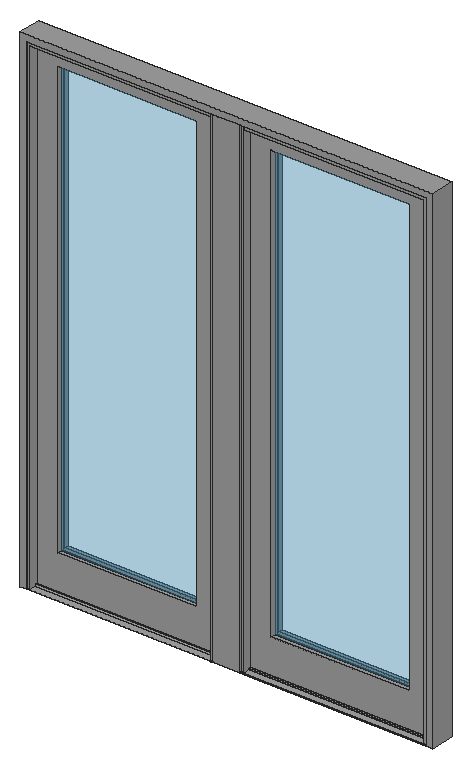
Revit family "AD-375 DOOR-Double-1-PD-5.25 CJB-CW_v05", category Curtain Panels, Revit 2015
Parameters
  Width [instance] = 6' - 2"
  URL = "obe.com"
  Rough Width [instance] = 6' - 7"
  Panel Width [instance] = Min Panel Width  # 6' - 5 1/4"
  Panel Offset [instance] = 0' - 0"
  Offset [instance] = 0' - 6"
  Model = "AD-375 DOOR"
  Min Roug Width [instance] = if(Rough Width > 6' 7 3/4", Rough Width, 6' 7 3/4")  # 6' - 7 3/4"
  Min Panel Width [instance] = if(Rough Width > 6' 7 3/4", Rough Width - 0' 2 1/2", 6' 5 1/4")  # 6' - 5 1/4"
  Manufacturer = "Oldcastle BuildingEnvelope®"
  Keynote = "08 11 00"
  Height [instance] = 8' - 0"
  Glass Material = Glass
  Frame Material = Aluminum
  Door Panel Height [instance] = Height - 0' 0 21/32"  # 7' - 11 11/32"
  Description = "AD-375 - 1\" Door Infill"
  Assembly Code = "B2030"
  Analytic Construction = "<None>"
  6 Bottom Rail [instance] = yes
  10 Bottom Rail [instance] = not([6 Bottom Rail])  # no
Reference planes (in)
  plane 1 "Front": y = 0
  plane 2: z = 0
  plane 3 "Center (Left/Right)": x = 0
  plane 4 "Left": x = -37
  plane 5 "Right": x = 37
  plane 6 "Top": z = 96
  plane 7 "Offset": y = -6
  plane 8: x = -39.875
  plane 9: x = 39.875
Forms (in)
  Sweep 1, solid, material "Aluminum" <- "Frame Material"
    path origin (0, -6, 0) x (-1, 0, 0) y (0, 0, 1)
      loop
        line (-39.875, 96) -> (-39.875, 0)
    profile origin (39.875, -6, 48) x (0, 1, 0) y (-1, 0, 0)
      loop
        line (0, 0) -> (0, 1.25) -> (-2.7624, 1.25) -> (-2.7624, 1.812) -> (-4.3574, 1.812) -> (-4.3574, 1.25) -> (-4.50055, 1.25) -> (-4.50055, 0) -> (0, 0)
  Sweep 2, solid, material "Aluminum" <- "Frame Material"
    path origin (0, -6, 0) x (-1, 0, 0) y (0, 0, 1)
      loop
        line (39.875, 96) -> (39.875, 0)
    profile origin (-39.875, -6, 48) x (0, 1, 0) y (-1, 0, 0)
      loop
        line (0, 0) -> (-4.50055, 0) -> (-4.50055, -1.25) -> (-4.3574, -1.25) -> (-4.3574, -1.812) -> (-2.7624, -1.812) -> (-2.7624, -1.25) -> (0, -1.25) -> (0, 0)
  Sweep 3, solid, material "Aluminum" <- "Frame Material"
    path origin (0, -6, 0) x (-1, 0, 0) y (0, 0, 1)
      loop
        line (39.875, 96) -> (-39.875, 96)
    profile origin (0, -6, 96) x (0, 0, -1) y (0, 1, 0)
      loop
        line (1.25, 0) -> (0, 0) -> (0, -4.50055) -> (1.25, -4.50055) -> (1.25, -4.3574) -> (1.812, -4.3574) -> (1.812, -2.7624) -> (1.25, -2.7624) -> (1.25, 0)
Cuts and joins
  joined: Sweep 1, Sweep 2, Sweep 3
Text (in)
  text "Exterior" at (-54.29358, 31.38743, 0), in view "Ref. Level"
  text "Exterior" at (480, 41.53993, 89.60405), in view "Right"
  text "Exterior" at (-240, 57.82419, 105.78864), in view "Left"
Dimensions and locks (in)
  equal spacing: plane 4 "Left", plane 3 "Center (Left/Right)", plane 5 "Right"
  "Width": plane 4 "Left" to plane 5 "Right"
  "Height": plane 6 "Top" to plane 2
  "Offset": plane 7 "Offset" to plane 1 "Front"
  locked: plane 7 "Offset" to nested 2 at 1.4437
  locked: plane 9 to nested 2 at 1.25
  locked: plane 7 "Offset" to nested 3 at 1.4437
  locked: nested 3 to plane 8 at 1.25
  locked: nested 4 to plane 6 "Top" at 1.25
  locked: plane 7 "Offset" to nested 4 at 1.4437
  equal spacing: plane 8, plane 3 "Center (Left/Right)", plane 9
  "Min Roug Width": plane 8 to plane 9
  locked: plane 7 "Offset" to nested 1 at 1.4437
  aligned and locked: level to plane 2
  aligned and locked: plane 3 "Center (Left/Right)" to nested 1
  aligned and locked: plane 2 to Sweep 1 sketch curve
  aligned and locked: plane 6 "Top" to Sweep 1 sketch curve
  aligned and locked: plane 2 to Sweep 2 sketch curve
  aligned and locked: plane 6 "Top" to Sweep 2 sketch curve
  aligned and locked: plane 6 "Top" to Sweep 3 sketch curve
  aligned and locked: Sweep 1 sketch curve to plane 9
  aligned and locked: plane 8 to Sweep 2 sketch curve
  aligned and locked: plane 8 to Sweep 3 sketch curve
  aligned and locked: plane 9 to Sweep 3 sketch curve
Automatic sketch dimensions
  Sweep 2 sketch curve to Sweep 2 sketch curve = 0' - 0.14315"
  Sweep 2 sketch curve to Sweep 2 sketch curve = 0' - 1.595"
  profile plane to Sweep 2 sketch curve = 0' - 1 1/4"  (x2)
  Sweep 2 sketch curve to Sweep 2 sketch curve = 0' - 2.7624"
  Sweep 2 sketch curve to Sweep 2 sketch curve = 0' - 0.562"
  Sweep 2 sketch curve to plane 7 "Offset" = 0' - 0"
  Sweep 2 sketch curve to profile plane = 0' - 0"
  Sweep 1 sketch curve to profile plane = 0' - 1.812"
  profile plane to Sweep 1 sketch curve = 0' - 0"
  Sweep 1 sketch curve to plane 7 "Offset" = 0' - 4.50055"
  Sweep 1 sketch curve to Sweep 1 sketch curve = 0' - 0.14315"
  Sweep 1 sketch curve to Sweep 1 sketch curve = 0' - 1.595"
  Sweep 1 sketch curve to profile plane = 0' - 1 1/4"  (x2)
  Sweep 1 sketch curve to Sweep 1 sketch curve = 0' - 2.7624"
  Sweep 3 sketch curve to profile plane = 0' - 1.812"
  Sweep 3 sketch curve to profile plane = 0' - 1 1/4"  (x2)
  Sweep 3 sketch curve to Sweep 3 sketch curve = 0' - 1 1/4"
  Sweep 3 sketch curve to plane 7 "Offset" = 0' - 4.50055"
  Sweep 3 sketch curve to Sweep 3 sketch curve = 0' - 0.14315"
  Sweep 3 sketch curve to Sweep 3 sketch curve = 0' - 1.595"
  Sweep 3 sketch curve to Sweep 3 sketch curve = 0' - 2.7624"
Nested families (in)
  nested 1: "AD-375 DOOR-Double-1-PD-Panel_v04" at (0, -24.5563, 0), Frame Material <- "Frame Material", Glass Material <- "Glass Material", 6 Bottom Rail <- "6 Bottom Rail", Height <- "Door Panel Height", Width <- "Min Panel Width", type "AD-375 DOOR-Double-1-PD-Panel"
    with built-in parameter 1001301 6' - 5 1/4", Offset 0' - 1.4437", built-in parameter 1001300 7' - 11 11/32", Glass Material Glass, Frame Material Aluminum, Bottom Rail 0' - 6 19/32", 6 Bottom Rail yes, 10 Bottom Rail no
  nested 2: "EDGE FRAME L" at (41.125, -7.4437, 0) x (-1, 0, 0) z (0, 0, 1), type "EDGE FRAME L"
  nested 3: "EDGE FRAME R" at (-41.125, -7.4437, 0) x (-1, 0, 0) z (0, 0, 1), type "EDGE FRAME R"
  nested 4: "TOP FRAME" at (0, -7.4437, 97.25) x (0, -1, 0) z (1, 0, 0), type "TOP FRAME"
Definition of nested family "AD-375 DOOR-Double-1-PD-Panel_v04"
  Parameters (values of type "AD-375 DOOR-Double-1-PD-Panel")
    Width [instance] = 6' - 0"
    Offset [instance] = 0' - 6"
    Height [instance] = 8' - 0"
    Glass Material [instance] = none
    Frame Material [instance] = none
    Bottom Rail [instance] = if([10 Bottom Rail], 0' 10 19/32", 0' 6 19/32")  # 0' - 10 19/32"
    Analytic Construction = "<None>"
    6 Bottom Rail [instance] = no
    10 Bottom Rail [instance] = not([6 Bottom Rail])  # yes
  Reference planes (in)
    plane 1 "00": y = 12.5563
    plane 2: z = 0
    plane 3 "Center (Left/Right)": x = 0
    plane 4: z = 96
    plane 5: x = -36
    plane 6: x = 36
    plane 7 "Center (Front/Back)": y = 20
    plane 8 "Exterior": y = 13.0563
    plane 9: z = 48
    plane 10: z = 10.59375
    plane 11: z = 92.46875
    plane 12: z = 0
    plane 13: x = -31.87499
    plane 14: x = 31.87504
    plane 15: y = 14
  Forms (in)
    Sweep 1, solid, material <- "Frame Material"
      path origin (0, 12.5563, 0) x (1, 0, 0) y (0, 0, 1)
        loop
          line (-35.93562, 96) -> (-2.625, 96)
      profile origin (-19.28031, 12.5563, 96) x (0, 0, 1) y (0, -1, 0)
        loop
          line (-0.59375, -1.2884) -> (-0.59375, 1.3187) -> (-3.96875, 1.3187) -> (-3.96875, 0.5) -> (-3.53125, 0.5) -> (-3.53125, -0.5) -> (-3.96875, -0.5) -> (-3.96875, -1.2884) -> (-0.59375, -1.2884)
    Sweep 2, solid, material <- "Frame Material"
      path origin (0, 12.5563, 0) x (1, 0, 0) y (0, 0, 1)
        loop
          line (-3.187, 0) -> (-35.93562, 0)
      profile origin (-19.56131, 12.5563, 0) x (0, 0, -1) y (0, -1, 0)
        loop
          line (-0.375, 1.3187) -> (-11.125, 1.3187) -> (-11.125, 0.5) -> (-10.59375, 0.5) -> (-10.59375, -0.5) -> (-11.125, -0.5) -> (-11.125, -1.2884) -> (-0.375, -1.2884) -> (-0.375, 1.3187)
    Sweep 3, solid, material <- "Frame Material"
      path origin (0, 12.5563, 0) x (1, 0, 0) y (0, 0, 1)
        loop
          line (36, 95.40625) -> (36, 0.375)
      profile origin (36, 12.5563, 47.89062) x (0, -1, 0) y (1, 0, 0)
        loop
          line (-1.28913, -4.56246) -> (-0.50073, -4.56246) -> (-0.50073, -4.12496) -> (0.49927, -4.12496) -> (0.49927, -4.56246) -> (1.31724, -4.56246) -> (1.31724, -0.0625) -> (-1.28913, -0.0625) -> (-1.28913, -4.56246)
    Sweep 4, solid, material <- "Frame Material"
      path origin (0, 12.5563, 0) x (1, 0, 0) y (0, 0, 1)
        loop
          line (-36, 95.40625) -> (-36, 0.375)
      profile origin (-36, 12.5563, 47.89062) x (0, -1, 0) y (1, 0, 0)
        loop
          line (-1.2884, 4.56251) -> (-1.2884, 0.06438) -> (1.3187, 0.06438) -> (1.3187, 4.56251) -> (0.5, 4.56251) -> (0.5, 4.12501) -> (-0.5, 4.12501) -> (-0.5, 4.56251) -> (-1.2884, 4.56251)
    Sweep 5, solid, material <- "Frame Material"
      path origin (0, 12.5563, 0) x (1, 0, 0) y (0, 0, 1)
        loop
          line (0, 95.40625) -> (0, 0.375)
      profile origin (0, 12.5563, 47.89062) x (0, -1, 0) y (1, 0, 0)
        loop
          line (-1.2884, -7.21871) -> (-0.5, -7.21871) -> (-0.5, -6.78121) -> (0.5, -6.78121) -> (0.5, -7.21871) -> (1.31797, -7.21871) -> (1.31797, -2.6248) -> (-1.2884, -2.6248) -> (-1.2884, -7.21871)
        loop
          line (1.3187, 7.21871) -> (0.50073, 7.21871) -> (0.50073, 6.78121) -> (-0.49927, 6.78121) -> (-0.49927, 7.21871) -> (-1.28767, 7.21871) -> (-1.28767, 2.6248) -> (1.3187, 2.6248) -> (1.3187, 7.21871)
    Sweep 6, solid, material <- "Frame Material"
      path origin (0, 12.5563, 0) x (1, 0, 0) y (0, 0, 1)
        loop
          line (2.625, 96) -> (35.9375, 96)
      profile origin (19.28125, 12.5563, 96) x (0, 0, 1) y (0, -1, 0)
        loop
          line (-0.59375, -1.2884) -> (-0.59375, 1.3187) -> (-2.30843, 1.3187) -> (-3.96875, 1.3187) -> (-3.96875, 0.5) -> (-3.53125, 0.5) -> (-3.53125, -0.5) -> (-3.96875, -0.5) -> (-3.96875, -1.2884) -> (-2.30843, -1.2884) -> (-0.59375, -1.2884)
    Sweep 7, solid, material <- "Frame Material"
      path origin (0, 12.5563, 0) x (1, 0, 0) y (0, 0, 1)
        loop
          line (35.9375, 0) -> (3.187, 0)
      profile origin (19.56225, 12.5563, 0) x (0, 0, -1) y (0, -1, 0)
        loop
          line (-7.49593, -1.2884) -> (-0.375, -1.2884) -> (-0.375, 1.31797) -> (-11.125, 1.31797) -> (-11.125, 0.5) -> (-10.59375, 0.5) -> (-10.59375, -0.5) -> (-11.125, -0.5) -> (-11.125, -1.2884) -> (-7.49593, -1.2884)
    Extrusion 8, solid, material <- "Glass Material", detail levels medium+fine
      sketch origin (0, 0, 0) x (1, 0, 0) y (0, 1, 0)
        loop
          line (6.78121, 13.0563) -> (6.78121, 12.8083) -> (31.87504, 12.8083) -> (31.87504, 13.0563) -> (6.78121, 13.0563)
        loop
          line (31.87504, 12.0563) -> (31.87504, 12.3043) -> (6.78121, 12.3043) -> (6.78121, 12.0563) -> (31.87504, 12.0563)
      from 10.59375 to 92.46875
    Extrusion 9, solid, material <- "Glass Material", detail levels coarse
      sketch origin (0, 0, 0) x (1, 0, 0) y (0, 1, 0)
        loop
          line (6.78121, 13.0563) -> (6.78121, 12.0563) -> (31.87504, 12.0563) -> (31.87504, 13.0563) -> (6.78121, 13.0563)
      from 10.59375 to 92.46875
    Extrusion 10, solid, material <- "Glass Material", detail levels coarse
      sketch origin (0, 0, 0) x (1, 0, 0) y (0, 1, 0)
        loop
          line (-31.87499, 13.0563) -> (-31.87499, 12.0563) -> (-6.78121, 12.0563) -> (-6.78121, 13.0563) -> (-31.87499, 13.0563)
      from 10.59375 to 92.46875
    Extrusion 11, solid, material <- "Glass Material", detail levels medium+fine
      sketch origin (0, 0, 0) x (1, 0, 0) y (0, 1, 0)
        loop
          line (-31.87499, 13.0563) -> (-31.87499, 12.8083) -> (-6.78121, 12.8083) -> (-6.78121, 13.0563) -> (-31.87499, 13.0563)
        loop
          line (-31.87499, 12.3043) -> (-31.87499, 12.0563) -> (-6.78121, 12.0563) -> (-6.78121, 12.3043) -> (-31.87499, 12.3043)
      from 10.59375 to 92.46875
    Sweep 12, solid, material <- "Frame Material"
      path origin (0, 12.5563, 0) x (1, 0, 0) y (0, 0, 1)
        loop
          line (0, 95.40625) -> (0, 0)
      profile origin (0, 12.5563, 47.70312) x (0, -1, 0) y (1, 0, 0)
        loop
          line (-1.4437, 2.625) -> (-1.4437, -2.625) -> (1.3187, -2.625) -> (1.3187, -3.187) -> (2.9137, -3.187) -> (2.9137, -2.625) -> (3.0573, -2.625) -> (3.0573, 2.625) -> (2.9137, 2.625) -> (2.9137, 3.187) -> (1.3187, 3.187) -> (1.3187, 2.625) -> (-1.4437, 2.625)
    Sweep 13, solid, material <- "Frame Material"
      path origin (0, 12.5563, 0) x (1, 0, 0) y (0, 0, 1)
        loop
          line (35.9375, 0) -> (2.6248, 0)
      profile origin (19.28115, 12.5563, 0) x (0, 0, -1) y (0, -1, 0)
        loop
          line (-0.256, -0.69426) -> (-0.1262, -1.33799)
          arc (-0.1262, -1.33799) -> (-0.07849, -1.40969) -> (0, -1.44514) r 0.156
          line (0, -1.44514) -> (0, 3.05585) -> (-0.06628, 3.05585)
          arc (-0.06628, 3.05585) -> (-0.08866, 3.04745) -> (-0.09997, 3.0264) r 0.034
          line (-0.09997, 3.0264) -> (-0.256, 1.86985) -> (-0.506, 1.73385) -> (-0.506, 1.3187) -> (-0.256, 1.3187) -> (-0.256, -0.69426)
    Sweep 14, solid, material <- "Frame Material"
      path origin (0, 12.5563, 0) x (1, 0, 0) y (0, 0, 1)
        loop
          line (-2.625, 0) -> (-35.93562, 0)
      profile origin (-19.28031, 12.5563, 0) x (0, 0, -1) y (0, -1, 0)
        loop
          line (-0.256, -0.69426) -> (-0.1262, -1.33799)
          arc (-0.1262, -1.33799) -> (-0.07849, -1.40969) -> (0, -1.44514) r 0.156
          line (0, -1.44514) -> (0, 3.05585) -> (-0.06628, 3.05585)
          arc (-0.06628, 3.05585) -> (-0.08866, 3.04745) -> (-0.09997, 3.0264) r 0.034
          line (-0.09997, 3.0264) -> (-0.256, 1.86985) -> (-0.506, 1.73385) -> (-0.506, 1.3187) -> (-0.256, 1.3187) -> (-0.256, -0.69426)
  Cuts and joins
    joined: Sweep 1, Sweep 2, Sweep 3, Sweep 4, Sweep 5, Sweep 6, Sweep 7
  Lines and regions (in)
    model lines
      curve 1: line (7.21871, 13.0563, 92.03125) -> (31.43754, 13.0563, 48)
      curve 2: line (31.43754, 13.0563, 48) -> (7.21871, 13.0563, 11.125)
      curve 3: line (-7.21871, 13.0563, 92.03125) -> (-31.43749, 13.0563, 48)
      curve 4: line (-31.43749, 13.0563, 48) -> (-7.21871, 13.0563, 11.125)
  Dimensions and locks (in)
    "Height": plane 4 to level
    "Offset": plane 15 to plane 7 "Center (Front/Back)"
    plane 1 "00" to plane 8 "Exterior" to plane 15 = 0' - 0 1/2" locked, 0' - 0.9437" locked
    equal spacing: level, plane 9, plane 4
    locked: plane 3 "Center (Left/Right)" to Sweep 2 sketch curve at 3.187
    Sweep 3 sketch curve to plane 4 = 0' - 0 19/32"
    Sweep 4 sketch curve to plane 4 = 0' - 0 19/32"
    locked: plane 3 "Center (Left/Right)" to Sweep 1 sketch curve at 2.625
    locked: Sweep 6 sketch curve to plane 3 "Center (Left/Right)" at 2.625
    locked: Sweep 7 sketch curve to plane 3 "Center (Left/Right)" at 3.187
    locked: Sweep 5 sketch curve to plane 4 at 0.59375
    locked: Sweep 7 sketch curve to plane 10 at 0.53125  (x2)
    locked: Sweep 2 sketch curve to plane 10 at 0.53125  (x2)
    equal spacing: plane 4, plane 9, plane 12
    locked: plane 4 to plane 11 at 3.53125
    Extrusion 11 sketch curve to Extrusion 11 sketch curve to plane 1 "00" to Extrusion 11 sketch curve to Extrusion 11 sketch curve = 0' - 0.248" locked, 0' - 0.252" locked, 0' - 0.252" locked, 0' - 0.248" locked
    Extrusion 10 sketch curve to plane 1 "00" to Extrusion 10 sketch curve = 0' - 0 1/2" locked, 0' - 0 1/2" locked
    Extrusion 9 sketch curve to plane 1 "00" to Extrusion 9 sketch curve = 0' - 0 1/2" locked, 0' - 0 1/2" locked
    Extrusion 8 sketch curve to Extrusion 8 sketch curve to plane 1 "00" to Extrusion 8 sketch curve to Extrusion 8 sketch curve = 0' - 0.248" locked, 0' - 0.252" locked, 0' - 0.252" locked, 0' - 0.248" locked
    "Bottom Rail": plane 10 to plane 12
    locked: plane 5 to plane 13 at 4.12501
    locked: plane 14 to plane 6 at 4.12496
    locked: Sweep 2 sketch curve to plane 5 at 0.06438
    locked: plane 6 to Sweep 7 sketch curve at 0.0625
    locked: plane 6 to Sweep 6 sketch curve at 0.0625
    Sweep 1 sketch curve to plane 5 = 0' - 0.06438"
    equal spacing: plane 5, plane 3 "Center (Left/Right)", plane 6
    "Width": plane 5 to plane 6
    locked: plane 4 to Sweep 12 sketch curve at 0.59375
    plane 1 "00" to nested 1 = 0' - 0"
    locked: plane 6 to Sweep 13 sketch curve at 0.0625
    locked: Sweep 13 sketch curve to plane 3 "Center (Left/Right)" at 2.6248
    locked: Sweep 14 sketch curve to plane 5 at 0.06438
    locked: plane 3 "Center (Left/Right)" to Sweep 14 sketch curve at 2.625
    locked: plane 12 to Sweep 3 sketch curve at 0.375
    locked: plane 12 to Sweep 5 sketch curve at 0.375
    locked: plane 12 to Sweep 4 sketch curve at 0.375
    aligned and locked: plane 2 to level
    aligned and locked: plane 3 "Center (Left/Right)" to nested 1
    aligned and locked: Sweep 1 sketch curve to plane 4
    aligned and locked: level to nested 2
    aligned and locked: nested 2 to plane 1 "00"
    aligned and locked: plane 3 "Center (Left/Right)" to Sweep 5 sketch curve
    aligned and locked: Sweep 7 sketch curve to level
    aligned and locked: plane 4 to Sweep 6 sketch curve
    aligned and locked: plane 11 to Extrusion 10
    aligned and locked: plane 11 to Extrusion 11
    aligned and locked: plane 11 to Extrusion 8
    aligned and locked: plane 11 to Extrusion 9
    aligned and locked: Sweep 6 sketch curve to plane 11
    aligned and locked: plane 10 to Sweep 2 sketch curve
    aligned and locked: Sweep 1 sketch curve to plane 11
    aligned and locked: Extrusion 8 to plane 10
    aligned and locked: Extrusion 9 to plane 10
    aligned and locked: Extrusion 11 to plane 10
    aligned and locked: Extrusion 10 to plane 10
    aligned and locked: Extrusion 11 to plane 13  (x2)
    aligned and locked: Extrusion 10 to plane 13
    aligned and locked: plane 14 to Extrusion 9
    aligned and locked: plane 14 to Extrusion 8  (x2)
    aligned and locked: Sweep 7 sketch curve to plane 1 "00"
    aligned and locked: plane 12 to Sweep 2 sketch curve
    aligned and locked: Sweep 12 sketch curve to plane 3 "Center (Left/Right)"
    aligned and locked: plane 9 to curve 2
    aligned and locked: Sweep 13 sketch curve to plane 12
    aligned and locked: Sweep 14 sketch curve to plane 12
    aligned and locked: plane 1 "00" to nested 1
  Automatic sketch dimensions
    Sweep 1 sketch curve to Sweep 1 sketch curve = 0' - 0 7/16"  (x2)
    profile plane to Sweep 1 sketch curve = 0' - 0 19/32"
    Sweep 1 sketch curve to plane 1 "00" = 0' - 1.2884"
    Sweep 1 sketch curve to plane 1 "00" = 0' - 0 1/2"
    plane 1 "00" to Sweep 1 sketch curve = 0' - 0 1/2"
    plane 1 "00" to Sweep 1 sketch curve = 0' - 1.3187"
    Sweep 2 sketch curve to plane 1 "00" = 0' - 0 1/2"
    plane 1 "00" to Sweep 2 sketch curve = 0' - 0 1/2"
    Sweep 2 sketch curve to Sweep 2 sketch curve = 0' - 0.8187"
    Sweep 3 sketch curve to plane 6 = 0' - 0"
    Sweep 3 sketch curve to plane 1 "00" = 0' - 1.28913"
    Sweep 3 sketch curve to plane 1 "00" = 0' - 0.50073"
    plane 1 "00" to Sweep 3 sketch curve = 0' - 0.49927"
    Sweep 3 sketch curve to Sweep 3 sketch curve = 0' - 0.81797"
    profile plane to Sweep 3 sketch curve = 0' - 4.56246"
    Sweep 3 sketch curve to Sweep 3 sketch curve = 0' - 0"
    Sweep 3 sketch curve to Sweep 3 sketch curve = 0' - 0 7/16"
    profile plane to Sweep 3 sketch curve = 0' - 0 1/16"
    Sweep 4 sketch curve to plane 5 = 0' - 0"
    Sweep 4 sketch curve to plane 1 "00" = 0' - 1.2884"
    Sweep 4 sketch curve to plane 1 "00" = 0' - 0 1/2"
    plane 1 "00" to Sweep 4 sketch curve = 0' - 0 1/2"
    Sweep 4 sketch curve to Sweep 4 sketch curve = 0' - 0.8187"
    Sweep 4 sketch curve to profile plane = 0' - 0.06438"
    Sweep 4 sketch curve to Sweep 4 sketch curve = 0' - 4.06063"
    Sweep 4 sketch curve to Sweep 4 sketch curve = 0' - 0 7/16"  (x2)
    Sweep 5 sketch curve to plane 1 "00" = 0' - 1.2884"
    Sweep 5 sketch curve to Sweep 5 sketch curve = 0' - 0.00073"  (x2)
    Sweep 5 sketch curve to plane 1 "00" = 0' - 0.49927"
    Sweep 5 sketch curve to plane 1 "00" = 0' - 0 1/2"
    plane 1 "00" to Sweep 5 sketch curve = 0' - 0.50073"
    plane 1 "00" to Sweep 5 sketch curve = 0' - 0 1/2"
    Sweep 5 sketch curve to profile plane = 0' - 2.6248"
    plane 1 "00" to Sweep 5 sketch curve = 0' - 1.3187"
    Sweep 5 sketch curve to Sweep 5 sketch curve = 0' - 0 7/16"  (x4)
    Sweep 5 sketch curve to Sweep 5 sketch curve = 0' - 4.15641"  (x2)
    Sweep 6 sketch curve to Sweep 6 sketch curve = 0' - 0 7/16"  (x2)
    Sweep 6 sketch curve to Sweep 6 sketch curve = 0' - 1.22282"  (x2)
    profile plane to Sweep 6 sketch curve = 0' - 0 19/32"
    Sweep 6 sketch curve to plane 1 "00" = 0' - 1.2884"
    Sweep 6 sketch curve to plane 1 "00" = 0' - 0 1/2"
    plane 1 "00" to Sweep 6 sketch curve = 0' - 0 1/2"
    plane 1 "00" to Sweep 6 sketch curve = 0' - 1.3187"
    Sweep 7 sketch curve to Sweep 7 sketch curve = 0' - 0 17/32"
    Sweep 7 sketch curve to profile plane = 0' - 1.2884"
    Sweep 7 sketch curve to Sweep 7 sketch curve = 0' - 3.09782"
    Sweep 7 sketch curve to profile plane = 0' - 0 1/2"
    profile plane to Sweep 7 sketch curve = 0' - 0 1/2"
    profile plane to Sweep 7 sketch curve = 0' - 1.31797"
    Extrusion 8 sketch curve to plane 14 = 0' - 0"  (x2)
    Extrusion 9 sketch curve to plane 14 = 0' - 0"
    Extrusion 10 sketch curve to plane 13 = 0' - 0"
    Extrusion 11 sketch curve to plane 13 = 0' - 0"  (x2)
    profile plane to Sweep 5 sketch curve = 0' - 2.6248"
    Sweep 12 sketch curve to level = 0' - 0"
    Sweep 12 sketch curve to plane 1 "00" = 0' - 1.4437"
    plane 1 "00" to Sweep 12 sketch curve = 0' - 1.3187"  (x2)
    Sweep 12 sketch curve to Sweep 12 sketch curve = 0' - 1.595"  (x2)
    Sweep 12 sketch curve to Sweep 12 sketch curve = 0' - 0.1436"
    profile plane to Sweep 12 sketch curve = 0' - 3.187"
    profile plane to Sweep 12 sketch curve = 0' - 2 5/8"
    Sweep 12 sketch curve to Sweep 12 sketch curve = 0' - 0.562"  (x2)
    Sweep 12 sketch curve to profile plane = 0' - 2 5/8"  (x2)
    Extrusion 10 sketch curve to plane 3 "Center (Left/Right)" = 0' - 6.78121"
    Extrusion 11 sketch curve to Extrusion 11 sketch curve = 0' - 0"
    Extrusion 11 sketch curve to plane 3 "Center (Left/Right)" = 0' - 6.78121"
    plane 3 "Center (Left/Right)" to Extrusion 9 sketch curve = 0' - 6.78121"
    Extrusion 8 sketch curve to Extrusion 8 sketch curve = 0' - 0"
    plane 3 "Center (Left/Right)" to Extrusion 8 sketch curve = 0' - 6.78121"
    curve 4 to plane 9 = 0' - 0"
    plane 13 to curve 4 = 0' - 0 7/16"
    curve 2 to plane 14 = 0' - 0 7/16"
    curve 3 to plane 11 = 0' - 0 7/16"
    curve 3 to plane 3 "Center (Left/Right)" = 0' - 7.21871"
    plane 10 to curve 4 = 0' - 0 17/32"
    curve 4 to plane 3 "Center (Left/Right)" = 0' - 7.21871"
    plane 10 to curve 2 = 0' - 0 17/32"
    plane 3 "Center (Left/Right)" to curve 2 = 0' - 7.21871"
    curve 1 to plane 11 = 0' - 0 7/16"
    plane 3 "Center (Left/Right)" to curve 1 = 0' - 7.21871"
    profile plane to Sweep 7 sketch curve = 0' - 0 3/8"
    profile plane to Sweep 2 sketch curve = 0' - 0 3/8"
    Sweep 2 sketch curve to plane 1 "00" = 0' - 1.2884"
    profile plane to Sweep 13 sketch curve = 0' - 0.256"  (x2)
    Sweep 13 sketch curve to plane 1 "00" = 0' - 0.69426"
    Sweep 13 sketch curve to Sweep 13 sketch curve = 0' - 0.64374"
    Sweep 13 sketch curve to Sweep 13 sketch curve = 0' - 0.10715"
    plane 1 "00" to Sweep 13 sketch curve = 0' - 1.3187"
    Sweep 13 sketch curve to Sweep 13 sketch curve = 0' - 1.73715"
    Sweep 13 sketch curve to profile plane = 0' - 0.02248"
    Sweep 13 sketch curve to Sweep 13 sketch curve = 0' - 0.04722"
    Sweep 13 sketch curve to Sweep 13 sketch curve = 0' - 0 1/4"
    Sweep 13 sketch curve to Sweep 13 sketch curve = 0' - 0.41515"
    Sweep 13 sketch curve to Sweep 13 sketch curve = 0' - 0.136"
    profile plane to Sweep 13 sketch curve = 0' - 0.09997"
    Sweep 13 sketch curve to Sweep 13 sketch curve = 0' - 0.02945"
    Sweep 13 sketch curve to Sweep 13 sketch curve = 0' - 0.00455"
    Sweep 13 sketch curve to profile plane = 0' - 0"
    profile plane to Sweep 14 sketch curve = 0' - 0.256"  (x2)
    plane 1 "00" to Sweep 14 sketch curve = 0' - 1.3187"
    Sweep 14 sketch curve to Sweep 14 sketch curve = 0' - 0 1/4"
    Sweep 14 sketch curve to plane 1 "00" = 0' - 0.69426"
    Sweep 14 sketch curve to Sweep 14 sketch curve = 0' - 0.41515"
    Sweep 14 sketch curve to Sweep 14 sketch curve = 0' - 0.136"
    profile plane to Sweep 14 sketch curve = 0' - 0.09997"
    Sweep 14 sketch curve to Sweep 14 sketch curve = 0' - 1.15655"
    Sweep 14 sketch curve to Sweep 14 sketch curve = 0' - 0.03369"
    Sweep 14 sketch curve to Sweep 14 sketch curve = 0' - 0.00455"
    Sweep 14 sketch curve to profile plane = 0' - 0"
    Sweep 14 sketch curve to Sweep 14 sketch curve = 0' - 0.75089"
    profile plane to Sweep 14 sketch curve = 0' - 0.1262"
    Sweep 14 sketch curve to Sweep 14 sketch curve = 0' - 0.10715"
    Sweep 14 sketch curve to profile plane = 0' - 0.02248"
  Nested families (in)
    nested 1: "AD-375 DOOR-Double-1-PD-Plan View_v02" at (-24, 12.5563, 0), Width <- "Width", type "AD-375 DOOR-Double-1-PD-Plan View_v02"
      with Wing Width 3' - 0", Width 6' - 0"
    nested 2: "AD-375 DOOR-Double-1-PD-Section" at (0, 12.5563, 0) x (0, -1, 0) z (1, 0, 0), Height <- "Height", 6 Bottom Rail <- "6 Bottom Rail", type "AD-375 DOOR-Double-1-PD-Section"
      with Height 8' - 0", Bottom Rail 0' - 10 19/32", 6 Bottom Rail no, 10 Bottom Rail yes
  Definition of nested family "AD-375 DOOR-Double-1-PD-Plan View_v02"
    Parameters (values of type "AD-375 DOOR-Double-1-PD-Plan View_v02")
      Wing Width [instance] = Width / 2  # 3' - 0"
      Width [instance] = 6' - 0"
    Reference planes (in)
      plane 1 "Center (Front/Back)": y = 0
      plane 2: z = 0
      plane 3 "Center (Left/Right)": x = 24
      plane 4: x = -12
      plane 5: x = -10.25
      plane 6: x = 58.25
      plane 7: x = 60
      plane 8: y = 37.6875
      plane 9: y = 30.87504
      plane 10: x = 59.9375
      plane 11: x = -11.9375
      plane 12: y = 1.6875
      plane 13: y = 34.9375
    Lines and regions (in)
      detail lines, in view "Ref. Level", not visible
        curve 1: line (-8.09374, -0.5, 0) -> (17.21879, -0.5, 0)
        curve 2: line (-8.09374, 0.5, 0) -> (17.21879, 0.5, 0)
        curve 13: line (-8.09374, 0.252, 0) -> (17.21879, 0.252, 0)
        curve 14: line (-8.09374, -0.252, 0) -> (17.21879, -0.252, 0)
        curve 15: line (55.87504, -0.5, 0) -> (30.78121, -0.5, 0)
        curve 16: line (55.87504, 0.5, 0) -> (30.78121, 0.5, 0)
        curve 27: line (55.87504, 0.252, 0) -> (30.78121, 0.252, 0)
        curve 28: line (55.87504, -0.252, 0) -> (30.78121, -0.252, 0)
      detail lines, in view "Ref. Level"
        curve 3: line (-10.75, 30.87504, 0) -> (-10.75, 5.75001, 0)
        curve 7: line (-9.75, 30.87504, 0) -> (-9.75, 5.75001, 0)
        curve 17: line (58.75, 30.87504, 0) -> (58.75, 5.74996, 0)
        curve 21: line (57.75, 30.87504, 0) -> (57.75, 5.74996, 0)
        curve 29: arc (-11.5687, 34.9375, 0) -> (11.83458, 24.93802, 0) -> (21.3125, 1.3187, 0) r 33.25205
        curve 30: arc (59.5687, 34.9375, 0) -> (36.16542, 24.93802, 0) -> (26.6875, 1.3187, 0) r 33.25205
      detail lines, in view "Ref. Level", detail levels fine
        curve 4: line (-10.688, 30.87504, 0) -> (-10.688, 5.75001, 0)
        curve 5: line (-10.626, 30.87504, 0) -> (-10.626, 5.75001, 0)
        curve 6: line (-10.564, 30.87504, 0) -> (-10.564, 5.75001, 0)
        curve 8: line (-9.936, 30.87504, 0) -> (-9.936, 5.75001, 0)
        curve 9: line (-9.874, 30.87504, 0) -> (-9.874, 5.75001, 0)
        curve 10: line (-9.812, 30.87504, 0) -> (-9.812, 5.75001, 0)
        curve 18: line (58.688, 30.87504, 0) -> (58.688, 5.74996, 0)
        curve 19: line (58.626, 30.87504, 0) -> (58.626, 5.74996, 0)
        curve 20: line (58.564, 30.87504, 0) -> (58.564, 5.74996, 0)
        curve 22: line (57.936, 30.87504, 0) -> (57.936, 5.74996, 0)
        curve 23: line (57.874, 30.87504, 0) -> (57.874, 5.74996, 0)
        curve 24: line (57.812, 30.87504, 0) -> (57.812, 5.74996, 0)
      detail lines, in view "Ref. Level", detail levels medium+fine
        curve 11: line (-10.502, 30.87504, 0) -> (-10.502, 5.75001, 0)
        curve 12: line (-9.998, 30.87504, 0) -> (-9.998, 5.75001, 0)
        curve 25: line (58.502, 30.87504, 0) -> (58.502, 5.74996, 0)
        curve 26: line (57.998, 30.87504, 0) -> (57.998, 5.74996, 0)
    Dimensions and locks (in)
      plane 6 to plane 10 to plane 7 to nested 6 = 0' - 1 11/16" locked, 0' - 0 1/16" locked, 0' - 2.53155" locked
      nested 8 to plane 4 to plane 11 to plane 5 = 0' - 2.5315" locked, 0' - 0 1/16" locked, 0' - 1 11/16" locked
      "Width": plane 4 to plane 7
      equal spacing: plane 4, plane 3 "Center (Left/Right)", plane 7
      "Wing Width": plane 12 to plane 8
      nested 7 to plane 1 "Center (Front/Back)" to plane 12 = 0' - 0.90655" locked, 0' - 1 11/16" locked
      locked: nested 5 to plane 8 at 0.031
      locked: nested 9 to plane 12 at 2.594
      locked: plane 8 to nested 4 at 0.031
      locked: plane 8 to plane 13 at 2.75
      locked: plane 9 to plane 13 at 4.06246
      aligned and locked: nested 2 to plane 1 "Center (Front/Back)"
      aligned and locked: nested 1 to plane 1 "Center (Front/Back)"
      aligned and locked: nested 3 to plane 3 "Center (Left/Right)"
      aligned and locked: nested 3 to plane 1 "Center (Front/Back)"
      aligned and locked: nested 5 to plane 5
      aligned and locked: plane 6 to nested 4
      aligned and locked: nested 1 to plane 3 "Center (Left/Right)"
      aligned and locked: nested 2 to plane 3 "Center (Left/Right)"
      aligned and locked: plane 6 to nested 7
      aligned and locked: plane 5 to nested 9
      aligned and locked: nested 6 to plane 1 "Center (Front/Back)"
      aligned and locked: plane 1 "Center (Front/Back)" to nested 8
    Automatic sketch dimensions
      curve 29 to plane 11 = 0' - 0"
      plane 13 to curve 29 = 0' - 0"
      curve 3 to plane 9 = 0' - 0"
      curve 4 to plane 9 = 0' - 0"
      curve 5 to plane 9 = 0' - 0"
      curve 6 to plane 9 = 0' - 0"
      curve 11 to plane 9 = 0' - 0"
      curve 12 to plane 9 = 0' - 0"
      curve 8 to plane 9 = 0' - 0"
      curve 9 to plane 9 = 0' - 0"
      curve 10 to plane 9 = 0' - 0"
      curve 7 to plane 9 = 0' - 0"
      curve 21 to plane 9 = 0' - 0"
      curve 24 to plane 9 = 0' - 0"
      curve 23 to plane 9 = 0' - 0"
      curve 22 to plane 9 = 0' - 0"
      curve 26 to plane 9 = 0' - 0"
      curve 25 to plane 9 = 0' - 0"
      curve 20 to plane 9 = 0' - 0"
      curve 19 to plane 9 = 0' - 0"
      curve 18 to plane 9 = 0' - 0"
      curve 17 to plane 9 = 0' - 0"
      plane 13 to curve 30 = 0' - 0"
      curve 30 to plane 10 = 0' - 0"
      plane 12 to curve 29 = 0' - 0"
      plane 12 to curve 30 = 0' - 0"
      plane 11 to curve 29 = 0' - 0.3688"
      plane 5 to curve 3 = 0' - 0 1/2"
      curve 3 to curve 4 = 0' - 0.062"
      curve 4 to curve 5 = 0' - 0.062"
      curve 5 to curve 6 = 0' - 0.062"
      curve 6 to curve 11 = 0' - 0.062"
      curve 12 to plane 5 = 0' - 0.252"
      curve 12 to curve 8 = 0' - 0.062"
      curve 8 to curve 9 = 0' - 0.062"
      curve 9 to curve 10 = 0' - 0.062"
      curve 10 to curve 7 = 0' - 0.062"
      plane 1 "Center (Front/Back)" to curve 14 = 0' - 0.252"
      curve 14 to plane 5 = 0' - 2 5/32"
      curve 2 to curve 14 = 0' - 0"  (x2)
      curve 13 to curve 2 = 0' - 0"  (x2)
      curve 1 to curve 14 = 0' - 0"  (x2)
      curve 14 to plane 3 "Center (Left/Right)" = 0' - 6.78121"
      plane 12 to curve 29 = 0' - 0.3688"
      plane 12 to curve 30 = 0' - 0.3688"
      plane 3 "Center (Left/Right)" to curve 30 = 0' - 2 11/16"
      curve 27 to plane 1 "Center (Front/Back)" = 0' - 0.252"
      curve 30 to curve 27 = 0' - 4.09371"
      curve 15 to curve 27 = 0' - 0"
      curve 28 to curve 15 = 0' - 0"
      curve 16 to curve 27 = 0' - 0"
      plane 1 "Center (Front/Back)" to curve 28 = 0' - 0.252"
      curve 28 to plane 6 = 0' - 2.37496"
      curve 16 to curve 28 = 0' - 0"
      curve 15 to curve 28 = 0' - 0"
      curve 27 to curve 16 = 0' - 0"
      curve 21 to plane 6 = 0' - 0 1/2"
      curve 21 to curve 24 = 0' - 0.062"
      curve 24 to curve 23 = 0' - 0.062"
      curve 23 to curve 22 = 0' - 0.062"
      curve 22 to curve 26 = 0' - 0.062"
      plane 6 to curve 25 = 0' - 0.252"
      curve 25 to curve 20 = 0' - 0.062"
      curve 20 to curve 19 = 0' - 0.062"
      curve 19 to curve 18 = 0' - 0.062"
      curve 18 to curve 17 = 0' - 0.062"
      curve 27 to curve 16 = 0' - 0.248"
      curve 2 to plane 1 "Center (Front/Back)" = 0' - 0 1/2"
      curve 13 to curve 2 = 0' - 0.248"
      curve 15 to curve 28 = 0' - 0.248"
      curve 1 to curve 14 = 0' - 0.248"
      curve 26 to plane 12 = 0' - 4.06246"
      curve 26 to curve 25 = 0' - 0"
      curve 24 to curve 26 = 0' - 0"
      curve 24 to curve 23 = 0' - 0"
      curve 23 to curve 22 = 0' - 0"
      curve 21 to curve 24 = 0' - 0"
      curve 25 to curve 20 = 0' - 0"
      curve 20 to curve 19 = 0' - 0"
      curve 19 to curve 18 = 0' - 0"
      curve 18 to curve 17 = 0' - 0"
      curve 5 to plane 12 = 0' - 4 1/16"
      curve 5 to curve 10 = 0' - 0"
      curve 3 to curve 5 = 0' - 0"
      curve 3 to curve 4 = 0' - 0"
      curve 5 to curve 11 = 0' - 0"
      curve 5 to curve 6 = 0' - 0"
      curve 12 to curve 10 = 0' - 0"
      curve 9 to curve 10 = 0' - 0"
      curve 8 to curve 9 = 0' - 0"
      curve 10 to curve 7 = 0' - 0"
    Nested families (in)
      nested 1: "5.25 COMMON JAMB L" at (24, 0, 0) x (-1, 0, 0) z (0, 0, 1), type "5.25 COMMON JAMB L", in view "Ref. Level", not visible
      nested 2: "5.25 COMMON JAMB R" at (24, 0, 0) x (-1, 0, 0) z (0, 0, 1), type "5.25 COMMON JAMB R", in view "Ref. Level", not visible
      nested 3: "5.25 COMMON JAMB CENTER" at (24, 0, 0) x (-1, 0, 0) z (0, 0, 1), type "5.25 COMMON JAMB CENTER", in view "Ref. Level"
      nested 4: "5.25 COMMON JAMB R" at (58.25, 37.6565, 0) x (0, 1, 0) z (0, 0, 1), type "5.25 COMMON JAMB R", in view "Ref. Level"
      nested 5: "5.25 COMMON JAMB L" at (-10.25, 37.6565, 0) x (0, -1, 0) z (0, 0, 1), type "5.25 COMMON JAMB L", in view "Ref. Level"
      nested 6: "HINGE-PD-DI" at (62.53155, 0, 0) x (-1, 0, 0) z (0, 0, 1), type "HINGE-PD-DI", in view "Ref. Level", not visible
      nested 7: "HINGE-PD-DI" at (58.25, -0.90655, 0) x (0, 1, 0) z (0, 0, 1), type "HINGE-PD-DI", in view "Ref. Level"
      nested 8: "HINGE-PD-DI" at (-14.5315, 0, 0), type "HINGE-PD-DI", in view "Ref. Level", not visible
      nested 9: "HINGE-PD-DI" at (-10.25, -0.9065, 0) x (0, 1, 0) z (0, 0, 1), type "HINGE-PD-DI", in view "Ref. Level"
    Definition of nested family "5.25 COMMON JAMB L"
      Reference planes (in)
        plane 1 "Center (Front/Back)": y = 0
        plane 2: z = 0
        plane 3 "Center (Left/Right)": x = 0
      Lines and regions (in)
        detail lines, in view "Ref. Level"
          curve 1: arc (2.94542, 0.40621, 0) -> (2.85667, 0.37395, 0) -> (2.81581, 0.28882, 0) r 0.125
          curve 2: line (2.71895, -1.3187, 0) -> (2.81581, 0.28882, 0)
          curve 3: line (2.94542, 0.40621, 0) -> (2.94542, 1.19368, 0)
          curve 4: arc (3.04146, 1.3187, 0) -> (2.97702, 1.29314, 0) -> (2.94763, 1.23036, 0) r 0.094
          curve 5: line (3.04146, 1.3187, 0) -> (7.21891, 1.3187, 0)
          curve 6: line (7.21891, 1.3187, 0) -> (7.21891, 0.5, 0)
          curve 7: line (7.21891, 0.5, 0) -> (6.78141, 0.5, 0)
          curve 8: line (6.78141, 0.5, 0) -> (6.78141, -0.5, 0)
          curve 9: line (6.78141, -0.5, 0) -> (7.21891, -0.5, 0)
          curve 10: line (7.21891, -0.5, 0) -> (7.21891, -1.3187, 0)
          curve 11: line (7.21891, -1.3187, 0) -> (2.71895, -1.3187, 0)
    Definition of nested family "5.25 COMMON JAMB R"
      Reference planes (in)
        plane 1 "Center (Front/Back)": y = 0
        plane 2: z = 0
        plane 3 "Center (Left/Right)": x = 0
      Lines and regions (in)
        detail lines, in view "Ref. Level"
          curve 1: arc (-2.94763, 1.23036, 0) -> (-2.97702, 1.29314, 0) -> (-3.04146, 1.3187, 0) r 0.094
          curve 2: line (-2.94542, 0.40621, 0) -> (-2.94542, 1.19368, 0)
          curve 3: arc (-2.81581, 0.28882, 0) -> (-2.85667, 0.37395, 0) -> (-2.94542, 0.40621, 0) r 0.125
          curve 4: line (-2.71895, -1.3187, 0) -> (-2.81581, 0.28882, 0)
          curve 5: line (-7.21891, -1.3187, 0) -> (-2.71895, -1.3187, 0)
          curve 6: line (-7.21891, -0.5, 0) -> (-7.21891, -1.3187, 0)
          curve 7: line (-6.78141, -0.5, 0) -> (-7.21891, -0.5, 0)
          curve 8: line (-6.78141, 0.5, 0) -> (-6.78141, -0.5, 0)
          curve 9: line (-7.21891, 0.5, 0) -> (-6.78141, 0.5, 0)
          curve 10: line (-7.21891, 1.3187, 0) -> (-7.21891, 0.5, 0)
          curve 11: line (-3.04146, 1.3187, 0) -> (-7.21891, 1.3187, 0)
    Definition of nested family "5.25 COMMON JAMB CENTER"
      Reference planes (in)
        plane 1 "Center (Front/Back)": y = 0
        plane 2: z = 0
        plane 3 "Center (Left/Right)": x = 0
    Definition of nested family "HINGE-PD-DI"
      Reference planes (in)
        plane 1 "Center (Front/Back)": y = 0
        plane 2: z = 0
        plane 3 "Center (Left/Right)": x = 0
      Lines and regions (in)
        detail lines, in view "Ref. Level"
          curve 1: arc (2.91656, 1.3187, 0) -> (2.85213, 1.29314, 0) -> (2.82273, 1.23036, 0) r 0.094
          curve 2: line (2.82052, 1.19368, 0) -> (2.82273, 1.23036, 0)
          curve 3: line (2.82052, 0.4063, 0) -> (2.82052, 1.19368, 0)
          curve 4: arc (2.81569, 0.4063, 0) -> (2.73, 0.37231, 0) -> (2.69091, 0.28882, 0) r 0.125
          curve 5: line (2.59405, -1.3187, 0) -> (2.69091, 0.28882, 0)
          curve 6: line (7.09401, -1.3187, 0) -> (2.59405, -1.3187, 0)
          curve 7: line (7.09401, -0.5, 0) -> (7.09401, -1.3187, 0)
          curve 8: line (6.65651, -0.5, 0) -> (7.09401, -0.5, 0)
          curve 9: line (6.65651, 0.5, 0) -> (6.65651, -0.5, 0)
          curve 10: line (7.09401, 0.5, 0) -> (6.65651, 0.5, 0)
          curve 11: line (7.09401, 1.3187, 0) -> (7.09401, 0.5, 0)
          curve 12: line (2.91656, 1.3187, 0) -> (7.09401, 1.3187, 0)
  Definition of nested family "AD-375 DOOR-Double-1-PD-Section"
    Parameters (values of type "AD-375 DOOR-Double-1-Section")
      Height [instance] = 8' - 0"
      Bottom Rail [instance] = if([10 Bottom Rail], 0' 10 19/32", 0' 6 19/32")  # 0' - 10 19/32"
      6 Bottom Rail [instance] = no
      10 Bottom Rail [instance] = not([6 Bottom Rail])  # yes
    Reference planes (in)
      plane 1 "Center (Front/Back)": y = 0
      plane 2: z = 0
      plane 3 "Center (Left/Right)": x = 0
      plane 4: y = 92.46875
      plane 5: y = 96
      plane 6: y = 10.59375
    Lines and regions (in)
      detail lines, in view "Ref. Level"
        curve 1: line (-0.5, 92.46875, 0) -> (-0.5, 10.59375, 0)
        curve 10: line (0.5, 92.46875, 0) -> (0.5, 10.59375, 0)
      detail lines, in view "Ref. Level", detail levels fine
        curve 2: line (-0.438, 92.46875, 0) -> (-0.438, 10.59375, 0)
        curve 3: line (-0.376, 92.46875, 0) -> (-0.376, 10.59375, 0)
        curve 4: line (-0.314, 92.46875, 0) -> (-0.314, 10.59375, 0)
        curve 7: line (0.314, 92.46875, 0) -> (0.314, 10.59375, 0)
        curve 8: line (0.376, 92.46875, 0) -> (0.376, 10.59375, 0)
        curve 9: line (0.438, 92.46875, 0) -> (0.438, 10.59375, 0)
      detail lines, in view "Ref. Level", detail levels medium+fine
        curve 5: line (-0.252, 92.46875, 0) -> (-0.252, 10.59375, 0)
        curve 6: line (0.252, 92.46875, 0) -> (0.252, 10.59375, 0)
    Dimensions and locks (in)
      nested 1 to plane 5 to plane 4 = 0' - 3 5/32" locked, 0' - 3 17/32" locked
      "Height": plane 1 "Center (Front/Back)" to plane 5
      "Bottom Rail": plane 1 "Center (Front/Back)" to plane 6
      aligned and locked: plane 3 "Center (Left/Right)" to nested 2
      aligned and locked: plane 3 "Center (Left/Right)" to nested 3
      aligned and locked: plane 4 to curve 1
      aligned and locked: plane 4 to curve 2
      aligned and locked: plane 4 to curve 3
      aligned and locked: plane 4 to curve 4
      aligned and locked: plane 4 to curve 5
      aligned and locked: plane 4 to curve 6
      aligned and locked: plane 4 to curve 7
      aligned and locked: plane 4 to curve 8
      aligned and locked: plane 4 to curve 9
      aligned and locked: plane 4 to curve 10
      aligned and locked: plane 3 "Center (Left/Right)" to nested 1
      aligned and locked: plane 6 to curve 10
      aligned and locked: plane 1 "Center (Front/Back)" to nested 2
      aligned and locked: plane 1 "Center (Front/Back)" to nested 3
    Automatic sketch dimensions
      curve 1 to plane 3 "Center (Left/Right)" = 0' - 0 1/2"
      curve 1 to curve 2 = 0' - 0.062"
      curve 2 to curve 3 = 0' - 0.062"
      curve 3 to curve 4 = 0' - 0.062"
      curve 4 to curve 5 = 0' - 0.062"
      plane 3 "Center (Left/Right)" to curve 6 = 0' - 0.252"
      curve 6 to curve 7 = 0' - 0.062"
      curve 7 to curve 8 = 0' - 0.062"
      curve 8 to curve 9 = 0' - 0.062"
      curve 9 to curve 10 = 0' - 0.062"
      curve 1 to curve 10 = 0' - 0"
      curve 9 to curve 10 = 0' - 0"
      curve 1 to curve 2 = 0' - 0"
      curve 8 to curve 9 = 0' - 0"
      curve 2 to curve 3 = 0' - 0"
      curve 7 to curve 8 = 0' - 0"
      curve 3 to curve 4 = 0' - 0"
      curve 6 to curve 7 = 0' - 0"
      curve 4 to curve 5 = 0' - 0"
    Nested families (in)
      nested 1: "TOP RAIL HINGE" at (0, 99.15625, 0), type "TOP RAIL-DI", in view "Ref. Level"
      nested 2: "6 BOTTOM RAIL" at (0, 7.12504, 0), visible <- "6 Bottom Rail", type "8 BOTTOM RAIL", in view "Ref. Level"
      nested 3: "10 BOTTOM RAIL" at (0, 11.12508, 0), visible <- "10 Bottom Rail", type "10 BOTTOM RAIL", in view "Ref. Level"
    Definition of nested family "TOP RAIL HINGE"
      Reference planes (in)
        plane 1 "Center (Front/Back)": y = 0
        plane 2: z = 0
        plane 3 "Center (Left/Right)": x = 0
      Lines and regions (in)
        detail lines, in view "Ref. Level"
          curve 1: line (1.3187, -3.875, 0) -> (-1.2884, -3.875, 0)
          curve 2: line (-1.2884, -3.875, 0) -> (-1.2884, -7.125, 0)
          curve 3: line (-1.2884, -7.125, 0) -> (-0.5, -7.125, 0)
          curve 4: line (-0.5, -7.125, 0) -> (-0.5, -6.6875, 0)
          curve 5: line (-0.5, -6.6875, 0) -> (0.5, -6.6875, 0)
          curve 6: line (0.5, -6.6875, 0) -> (0.5, -7.125, 0)
          curve 7: line (0.5, -7.125, 0) -> (1.3187, -7.125, 0)
          curve 8: line (1.3187, -7.125, 0) -> (1.3187, -3.875, 0)
    Definition of nested family "6 BOTTOM RAIL"
      Types (2): name
        6 BOTTOM RAIL
        8 BOTTOM RAIL
      Reference planes (in)
        plane 1 "Center (Front/Back)": y = 0
        plane 2: z = 0
        plane 3 "Center (Left/Right)": x = 0
      Lines and regions (in)
        detail lines, in view "Ref. Level"
          curve 1: line (0.5, -0.53204, 0) -> (-0.5, -0.53204, 0)
          curve 2: line (-0.5, -0.53204, 0) -> (-0.5, 0, 0)
          curve 3: line (-0.5, 0, 0) -> (-1.2884, 0, 0)
          curve 4: line (-1.2884, 0, 0) -> (-1.2884, -6.75004, 0)
          curve 5: line (-1.2884, -6.75004, 0) -> (1.3187, -6.75004, 0)
          curve 6: line (1.3187, -6.75004, 0) -> (1.3187, 0, 0)
          curve 7: line (1.3187, 0, 0) -> (0.5, 0, 0)
          curve 8: line (0.5, 0, 0) -> (0.5, -0.53204, 0)
          curve 9: line (0.5, -0.53204, 0) -> (-0.5, -0.53204, 0)
          curve 10: line (-0.5, -0.53204, 0) -> (-0.5, 0, 0)
          curve 11: line (-0.5, 0, 0) -> (-1.2884, 0, 0)
          curve 12: line (-1.2884, 0, 0) -> (-1.2884, -6.75004, 0)
          curve 13: line (-1.2884, -6.75004, 0) -> (1.3187, -6.75004, 0)
          curve 14: line (1.3187, -6.75004, 0) -> (1.3187, 0, 0)
          curve 15: line (1.3187, 0, 0) -> (0.5, 0, 0)
          curve 16: line (-0.69426, -6.86904, 0) -> (1.3187, -6.86904, 0)
          curve 17: line (-1.33799, -6.99884, 0) -> (-0.69426, -6.86904, 0)
          curve 18: arc (-1.33799, -6.99884, 0) -> (-1.40969, -7.04655, 0) -> (-1.44514, -7.12504, 0) r 0.156
          curve 19: line (3.05585, -7.12504, 0) -> (-1.44514, -7.12504, 0)
          curve 20: arc (3.05585, -7.05876, 0) -> (3.04745, -7.03638, 0) -> (3.0264, -7.02507, 0) r 0.034
          curve 21: line (3.05585, -7.05876, 0) -> (3.05585, -7.12504, 0)
          curve 22: line (1.86985, -6.86904, 0) -> (3.0264, -7.02507, 0)
          curve 23: line (1.73385, -6.61904, 0) -> (1.86985, -6.86904, 0)
          curve 24: line (1.3187, -6.61904, 0) -> (1.73385, -6.61904, 0)
          curve 25: line (1.3187, -6.86904, 0) -> (1.3187, -6.61904, 0)
    Definition of nested family "10 BOTTOM RAIL"
      Reference planes (in)
        plane 1 "Center (Front/Back)": y = 0
        plane 2: z = 0
        plane 3 "Center (Left/Right)": x = 0
      Lines and regions (in)
        detail lines, in view "Ref. Level"
          curve 1: line (-1.2884, 0, 0) -> (-1.2884, -10.75008, 0)
          curve 2: line (-1.2884, -10.75008, 0) -> (1.3187, -10.75008, 0)
          curve 3: line (1.3187, -10.75008, 0) -> (1.3187, 0, 0)
          curve 4: line (1.3187, 0, 0) -> (0.5, 0, 0)
          curve 5: line (0.5, 0, 0) -> (0.5, -0.53204, 0)
          curve 6: line (0.5, -0.53204, 0) -> (-0.5, -0.53204, 0)
          curve 7: line (-0.5, -0.53204, 0) -> (-0.5, 0, 0)
          curve 8: line (-0.5, 0, 0) -> (-1.2884, 0, 0)
          curve 9: line (0.5, -0.53204, 0) -> (-0.5, -0.53204, 0)
          curve 10: line (-0.5, -0.53204, 0) -> (-0.5, 0, 0)
          curve 11: line (-0.5, 0, 0) -> (-1.2884, 0, 0)
          curve 12: line (-1.2884, 0, 0) -> (-1.2884, -10.75008, 0)
          curve 13: line (-1.2884, -10.75008, 0) -> (1.3187, -10.75008, 0)
          curve 14: line (1.3187, -10.75008, 0) -> (1.3187, 0, 0)
          curve 15: line (1.3187, 0, 0) -> (0.5, 0, 0)
          curve 16: line (0.5, 0, 0) -> (0.5, -0.53204, 0)
          curve 17: line (-0.69426, -10.86908, 0) -> (1.3187, -10.86908, 0)
          curve 18: line (-1.33799, -10.99888, 0) -> (-0.69426, -10.86908, 0)
          curve 19: arc (-1.33799, -10.99888, 0) -> (-1.40969, -11.0466, 0) -> (-1.44514, -11.12508, 0) r 0.156
          curve 20: line (3.05585, -11.12508, 0) -> (-1.44514, -11.12508, 0)
          curve 21: line (3.05585, -11.0588, 0) -> (3.05585, -11.12508, 0)
          curve 22: arc (3.05585, -11.0588, 0) -> (3.04745, -11.03643, 0) -> (3.0264, -11.02511, 0) r 0.034
          curve 23: line (1.86985, -10.86908, 0) -> (3.0264, -11.02511, 0)
          curve 24: line (1.73385, -10.61908, 0) -> (1.86985, -10.86908, 0)
          curve 25: line (1.3187, -10.61908, 0) -> (1.73385, -10.61908, 0)
          curve 26: line (1.3187, -10.86908, 0) -> (1.3187, -10.61908, 0)
Definition of nested family "EDGE FRAME L"
  Reference planes (in)
    plane 1 "Center (Front/Back)": y = 0
    plane 2: z = 0
    plane 3 "Center (Left/Right)": x = 0
  Lines and regions (in)
    detail lines, in view "Ref. Level"
      curve 1: line (2.5, 1.3187, 0) -> (2.5, -1.4437, 0)
      curve 2: line (2.5, -1.4437, 0) -> (1.25, -1.4437, 0)
      curve 3: line (1.25, -1.4437, 0) -> (1.25, 3.05685, 0)
      curve 4: line (1.25, 3.05685, 0) -> (2.5, 3.05685, 0)
      curve 5: line (2.5, 3.05685, 0) -> (2.5, 2.9137, 0)
      curve 6: line (2.5, 2.9137, 0) -> (3.062, 2.9137, 0)
      curve 7: line (3.062, 2.9137, 0) -> (3.062, 1.3187, 0)
      curve 8: line (3.062, 1.3187, 0) -> (2.5, 1.3187, 0)
Definition of nested family "EDGE FRAME R"
  Reference planes (in)
    plane 1 "Center (Front/Back)": y = 0
    plane 2: z = 0
    plane 3 "Center (Left/Right)": x = 0
  Lines and regions (in)
    detail lines, in view "Ref. Level"
      curve 1: line (-2.5, 1.3187, 0) -> (-2.5, -1.4437, 0)
      curve 2: line (-2.5, -1.4437, 0) -> (-1.25, -1.4437, 0)
      curve 3: line (-1.25, -1.4437, 0) -> (-1.25, 3.05685, 0)
      curve 4: line (-1.25, 3.05685, 0) -> (-2.5, 3.05685, 0)
      curve 5: line (-2.5, 3.05685, 0) -> (-2.5, 2.9137, 0)
      curve 6: line (-2.5, 2.9137, 0) -> (-3.062, 2.9137, 0)
      curve 7: line (-3.062, 2.9137, 0) -> (-3.062, 1.3187, 0)
      curve 8: line (-3.062, 1.3187, 0) -> (-2.5, 1.3187, 0)
Definition of nested family "TOP FRAME"
  Reference planes (in)
    plane 1 "Center (Front/Back)": y = 0
    plane 2: z = 0
    plane 3 "Center (Left/Right)": x = 0
  Lines and regions (in)
    detail lines, in view "Ref. Level"
      curve 1: line (-1.4437, -2.5, 0) -> (1.3187, -2.5, 0)
      curve 2: line (1.3187, -2.5, 0) -> (1.3187, -3.062, 0)
      curve 3: line (1.3187, -3.062, 0) -> (2.9137, -3.062, 0)
      curve 4: line (2.9137, -3.062, 0) -> (2.9137, -2.5, 0)
      curve 5: line (2.9137, -2.5, 0) -> (3.05685, -2.5, 0)
      curve 6: line (3.05685, -2.5, 0) -> (3.05685, -1.25, 0)
      curve 7: line (3.05685, -1.25, 0) -> (-1.4437, -1.25, 0)
      curve 8: line (-1.4437, -1.25, 0) -> (-1.4437, -2.5, 0)
